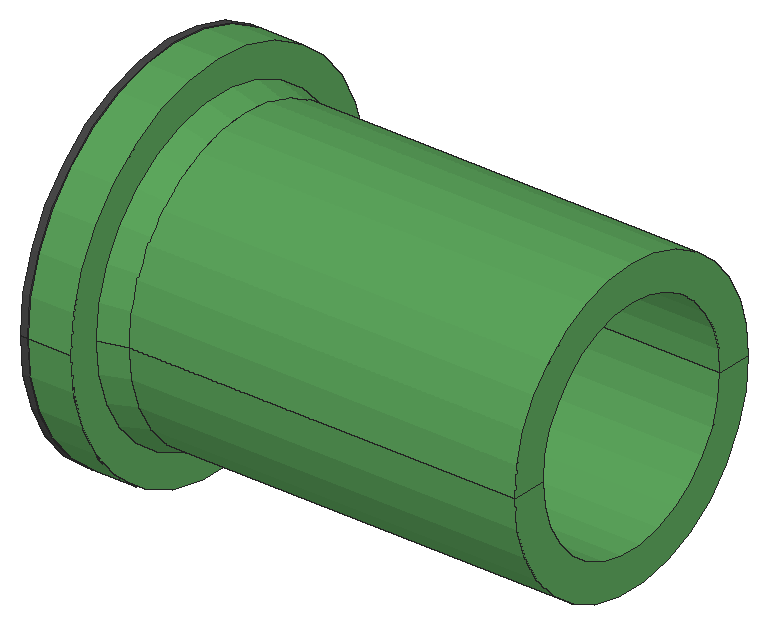
Revit family "Aquatherm_Соединительная втулка", category Соединительные детали трубопроводов, Revit 2019
Family settings
  Размер круглого соединителя = Использовать диаметр
  Тип детали = Соединение
  На основе рабочей плоскости = Нет
  Всегда вертикально = Да
  При загрузке вырезать с полостями = Нет
  Общий = Нет
Parameters (values of type "SDR 9")
  Материал_Корпус_2 = AquaTherm black pipe
  Материал_Корпус = AquaTherm green pipe
  z2 [instance] = size_lookup("Соединительная втулка", "z2", 5 mm, d)  # 3 mm
  URL = "www.agpipe.ru"
  SDR = 9 mm
  L [instance] = size_lookup("Соединительная втулка", "L", 5 mm, d)  # 195 mm
  D1 [instance] = size_lookup("Соединительная втулка", "D1", 5 mm, d)  # 158 mm
  D [instance] = size_lookup("Соединительная втулка", "D", d + 8 mm, d)  # 131.5 mm
  l [instance] = size_lookup("Соединительная втулка", "l", 20 mm, d)  # 18.5 mm
  d [instance] = 125 mm
  ADSK_Примечание = ""
  ADSK_Позиция [instance] = ""
  ADSK_Обозначение = ""
  ADSK_Наименование [instance] = size_lookup("Соединительная втулка", "ADSK_Наименование", "Нет в каталоге", d)  # "Соединительная втулка DN125"
  ADSK_Масса_Текст [instance] = size_lookup("Соединительная втулка", "ADSK_Масса_Текст", "Нет в каталоге", d)  # "1.18"
  ADSK_Код изделия [instance] = size_lookup("Соединительная втулка", "ADSK_Код изделия", "Нет в каталоге", d)  # "15526"
  ADSK_Завод-изготовитель = "Aquatherm"  # constant formula
  ADSK_Единица измерения = "шт."  # constant formula
Types (5, lengths in mm): name | SDR
  (no name) | 9
  SDR 6 | 6
  SDR 7.4 | 7.4
  SDR 9 | 9
  SDR 11 | 11
Reference planes
  plane 1 "По центру (Вперед/Назад)": y = 0
  plane 2: z = 0
  plane 3 "По центру (Влево/Вправо)": x = 0
  plane 4: x = -97.5
  plane 5: x = 97.5
  plane 6: x = -100.5
  plane 7: x = -20
  plane 8: x = -79
  plane 9: y = 62.5
  plane 10: y = -62.5
  plane 11: y = -65.75
  plane 12: y = 65.75
  plane 13: y = 62.5
  plane 14: y = -62.5
Forms (mm)
  Extrusion 1, solid, material "AquaTherm black pipe" <- "Материал_Корпус_2"
    sketch origin (0, 0, 0) x (0, 1, 0) y (0, 0, 1)
      loop
        circle (0, 0) r 79
    from -100.5 to -97.5
  Extrusion 2, solid, material "AquaTherm green pipe" <- "Материал_Корпус"
    sketch origin (0, 0, 0) x (0, 1, 0) y (0, 0, 1)
      loop
        circle (0, 0) r 79
    from -97.5 to -79
  Revolve 3, solid, material "AquaTherm green pipe" <- "Материал_Корпус"
    sketch origin (0, 0, 0) x (1, 0, 0) y (0, 1, 0)
      loop
        line (-79, 47.5) -> (97.5, 47.5) -> (97.5, 62.5) -> (-67.5, 62.5) -> (-79, 65.75) -> (-79, 47.5)
      axis (-79, 0) -> (97.5, 0)
    angle from 0 to 360
  Revolve 4, void
    sketch origin (0, 0, 0) x (1, 0, 0) y (0, 1, 0)
      loop
        line (-79, 47.5) -> (-97.5, 52.457) -> (-100.5, 52.457) -> (-100.5, 0) -> (-79, 0) -> (-79, 47.5)
      axis (-100.5, 0) -> (-79, 0)
    angle from 0 to 360
Cuts and joins
  Revolve 4 cuts Extrusion 1
  Revolve 4 cuts Extrusion 2
Lines and regions (mm)
  reference lines
    curve 1: line (-97.5, 0, 0) -> (97.5, 0, 0)
Dimensions and locks
  equal spacing: plane 4, plane 3 "По центру (Влево/Вправо)", plane 5
  "z2": plane 6 to plane 4
  "L": plane 4 to plane 5
  "l": plane 4 to plane 8
  equal spacing: plane 9, plane 1 "По центру (Вперед/Назад)", plane 10
  "d": plane 9 to plane 10
  equal spacing: plane 11, plane 1 "По центру (Вперед/Назад)", plane 12
  "D": plane 11 to plane 12
  locked: Revolve 3 sketch curve to plane 9 at 15
  equal spacing: plane 13, plane 1 "По центру (Вперед/Назад)", plane 14
  "d": plane 13 to plane 14
  locked: Revolve 4 sketch curve to plane 13 at 10.043
  locked: Revolve 4 sketch curve to plane 13 at 15
  "D1": diameter of Extrusion 1 sketch curve
  "D1": diameter of Extrusion 2 sketch curve
  aligned and locked: level to plane 2
  aligned and locked: plane 5 to curve 1
  aligned and locked: plane 4 to curve 1
  aligned and locked: plane 1 "По центру (Вперед/Назад)" to curve 1
  aligned and locked: Extrusion 1 to plane 6
  aligned and locked: plane 4 to Extrusion 1
  aligned and locked: Extrusion 2 to plane 4
  aligned and locked: plane 8 to Extrusion 2
  aligned and locked: plane 9 to Revolve 3 sketch curve
  aligned and locked: plane 5 to Revolve 3 sketch curve
  aligned and locked: Revolve 3 sketch curve to plane 8
  aligned and locked: plane 12 to Revolve 3 sketch curve
  aligned and locked: plane 1 "По центру (Вперед/Назад)" to Revolve 3 sketch curve
  aligned and locked: plane 8 to Revolve 4 sketch curve
  aligned and locked: Revolve 4 sketch curve to plane 6
  aligned and locked: plane 1 "По центру (Вперед/Назад)" to Revolve 4 sketch curve  (x2)
  aligned and locked: plane 4 to Revolve 4 sketch curve
Automatic sketch dimensions
  Extrusion 1 sketch curve to level = 0 mm
  Extrusion 1 sketch curve to plane 1 "По центру (Вперед/Назад)" = 0 mm
  Extrusion 2 sketch curve to level = 0 mm
  Extrusion 2 sketch curve to plane 1 "По центру (Вперед/Назад)" = 0 mm
  plane 8 to Revolve 3 sketch curve = 11.5 mm
  plane 3 "По центру (Влево/Вправо)" to Revolve 3 sketch curve = 37.5 mm
  plane 5 to Revolve 3 sketch curve = 100 mm
  Revolve 4 sketch curve to plane 6 = 40 mm
  Revolve 4 sketch curve to plane 7 = 10.5 mm
Connectors
  piping at (-97.5, 0, 0), diameter 125, driven by "d"
    settings: on curve 1, index 1, connector inside diameter 609.6 mm, connector length 0 mm, flow factor 0, pipe flow 0.0 L/s, pressure drop 0.0 Pa, fitting loss kfactor 0, connector angle 0.00°, fixture units 0, engagement length 0 mm, angle of deflection 0.00°, flow configuration 0, flow direction 0, fitting loss method 0, system type 28, joint type 0, gender type 0, connector reference index 2, connector utility 0, adjustable connector no, is connector primary yes, connector description ""
  piping at (97.5, 0, 0), diameter 125, driven by "d"
    settings: on curve 1, index 2, connector inside diameter 609.6 mm, connector length 0 mm, flow factor 0, pipe flow 0.0 L/s, pressure drop 0.0 Pa, fitting loss kfactor 0, connector angle 0.00°, fixture units 0, engagement length 0 mm, angle of deflection 0.00°, flow configuration 0, flow direction 0, fitting loss method 0, system type 28, joint type 0, gender type 0, connector reference index 1, connector utility 0, adjustable connector no, is connector primary no, connector description ""
